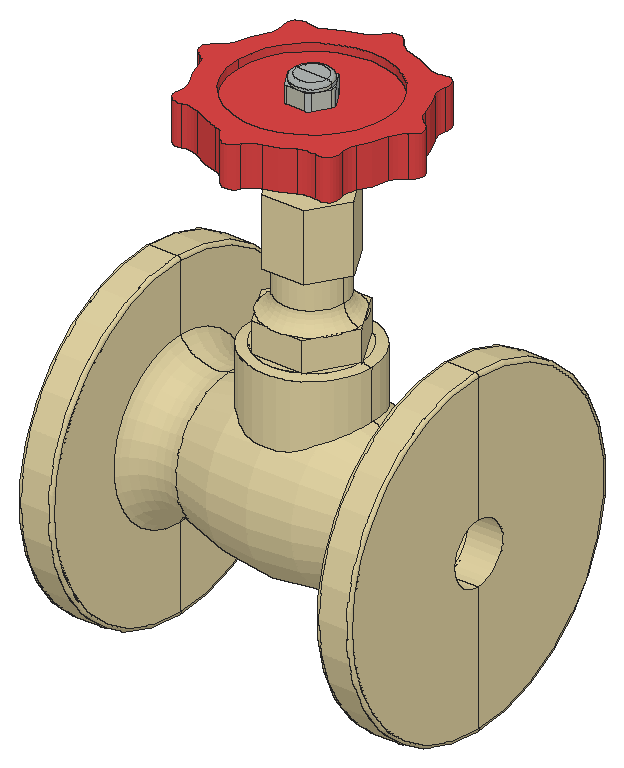
Revit family "DA04130000", category Apparecchi idraulici, Revit 2020
Family settings
  Quota connettore circolare = Usa diametro
  Tipo di parte = Normale
  Numero OmniClass = 23.45.00.00
  Titolo OmniClass = Sanitary, Laundry, and Cleaning Equipment
  Basato su piano di lavoro = No
  Sempre verticale = Sì
  Taglio con vuoti quando caricato = No
  Condiviso = No
  Punto di calcolo locali = No
Parameters
  URL = "https://web.cimberio.com/index.php/figura/677?subcategoria_id="
  Temperatura di esercizio = "-10 ÷ 170°C"
  Prospetto di default = 0 mm
  Produttore = "CIMBERIO SPA"
  Pressione nominale = "PN 16"
  Modello = "Cim 28G"
  Materiale = "Prodotto in lega di ottone conforme alla norma EN 12165-CW617N-DW"
  Descrizione = "Utilizzato nei più svariati settori dell’impiantistica ed in ogni applicazione industriale ed agricola dove è richiesta una regolazione: impianti di riscaldamento, idrici, igienico sanitari, aria compressa, reti di distribuzione vapore saturo, olii, benzine, petrolio ed altri idrocarburi e in generale con ogni fluido non corrosivo"
  DN Model [instance] = DA04133110 : DA04133110
  DN [instance] = 16 mm
  Commenti sul tipo = "Realizzato in ottemperanza ai requisiti gestionali della norma EN ISO 9001.\r\nCollaudato al 100% secondo la normativa EN 12266-1"
Reference planes
  plane 1 "Centro (Fronte/Retro)": y = 0
  plane 2: z = 0
  plane 3 "Centro (Sinistra/Destra)": x = 0
Dimensions and locks
  aligned and locked: level to plane 2
Nested families
  nested 1: "DA04133110" at (0, 0, 0), type <- "DN Model", type "DA04133110"
  nested 2: "DA04133110" at (0, 0, 0), type <- "DN Model", type "DA04133110"
  nested 3: "DA04133110" at (0, 0, 0), type <- "DN Model", type "DA04133110"
  nested 4: "DA04133110" at (0, 0, 0), type <- "DN Model", type "DA04133110"
  nested 5: "DA04133110" at (0, 0, 0), type <- "DN Model", type "DA04133110"
  nested 6: "DA04133110" at (0, 0, 0), type <- "DN Model", type "DA04133110"
  nested 7: "DA04133110" at (0, 0, 0), type <- "DN Model", type "DA04133110"
  nested 8: "DA04133110" at (0, 0, 0), type <- "DN Model", type "DA04133110"
  nested 9: "DA04133110" at (0, 0, 0), type <- "DN Model", type "DA04133110"
Connectors
  piping at (41.407, 0, 0), diameter 16, driven by "DN"
    settings: on nested 1, index 1, connector inside diameter 609.6 mm, connector length 0 mm, flow factor 0, pipe flow 0.0 L/s, pressure drop 0.0 Pa, fitting loss kfactor 0, connector angle 0.00°, fixture units 0, engagement length 0 mm, angle of deflection 0.00°, flow configuration 0, flow direction 0, fitting loss method 0, system type 7, joint type 0, gender type 0, connector reference index -1, connector utility 0, adjustable connector no, is connector primary yes, connector description ""
  piping at (-41.232, 0, 0), diameter 16, driven by "DN"
    settings: on nested 1, index 2, connector inside diameter 609.6 mm, connector length 0 mm, flow factor 0, pipe flow 0.0 L/s, pressure drop 0.0 Pa, fitting loss kfactor 0, connector angle 0.00°, fixture units 0, engagement length 0 mm, angle of deflection 0.00°, flow configuration 0, flow direction 0, fitting loss method 0, system type 7, joint type 0, gender type 0, connector reference index -1, connector utility 0, adjustable connector no, is connector primary no, connector description ""
Definition of nested family "DA04133110"
  Parameters (values of type "DA04133110")
    Default Elevation = 0 mm
  Reference planes
    plane 1 "Centro (Fronte/Retro)": y = 0
    plane 2: z = 0
    plane 3 "Centro (Sinistra/Destra)": x = 0
  Forms (mm)
    Revolve 1, solid
      sketch origin (0, 0, 0) x (1, 0, 0) y (0, 0, 1)
        loop
          line (33.343, -7.5) -> (-32.983, -7.5) -> (-32.983, -19.288)
          arc (-32.983, -19.288) -> (-27.734, -14.585) -> (-20.687, -14.614) r 9.811
          arc (-20.687, -14.614) -> (0, -18.5) -> (20.687, -14.614) r 57
          arc (20.687, -14.614) -> (28.136, -14.748) -> (33.343, -20.077) r 9.811
          line (33.343, -20.077) -> (33.343, -7.5)
        axis (-32.983, 2) -> (33.343, 2)
      angle from 0 to 360
    Revolve 2, solid
      sketch origin (0, 0, 0) x (1, 0, 0) y (0, 0, 1)
        loop
          line (-15, 4.172) -> (0, 4.172) -> (0, 32.573) -> (-12.5, 32.573) -> (-15, 32.132) -> (-15, 4.172)
        axis (0, 32.573) -> (0, 4.172)
      angle from 0 to 360
    Extrusion 3, solid
      sketch origin (0, 0, 0) x (0, -1, 0) y (1, 0, 0)
        loop
          line (0, 12.5) -> (-10.825, 6.25) -> (-10.825, -6.25) -> (0, -12.5) -> (10.825, -6.25) -> (10.825, 6.25) -> (0, 12.5)
      from 32.132 to 39.804
    Revolve 4, solid
      sketch origin (0, 0, 3.5) x (1, 0, 0) y (0, 0, 1)
        loop
          line (0, 47.5) -> (-7.95, 47.5) -> (-8.019, 40.572)
          arc (-8.019, 40.572) -> (-9.032, 37.961) -> (-11.29, 36.304) r 5
          line (-11.29, 36.304) -> (0, 36.304) -> (0, 47.5)
        axis (0, 47.5) -> (0, 36.304)
      angle from 0 to 360
    Extrusion 5, solid
      sketch origin (0, 0, 0) x (0, -1, 0) y (1, 0, 0)
        loop
          line (0, -10.4) -> (9.007, -5.2) -> (9.007, 5.2) -> (0, 10.4) -> (-9.007, 5.2) -> (-9.007, -5.2) -> (0, -10.4)
      from 51 to 67.5
    Revolve 6, solid
      sketch origin (0, 0, 12.019) x (1, 0, 0) y (0, 0, 1)
        loop
          line (-8.5, 67) -> (-8.5, 65.001)
          arc (-8.5, 65.001) -> (-8.353, 64.647) -> (-7.999, 64.5) r 0.501
          line (-7.999, 64.5) -> (-4, 64.5) -> (-4, 52.626) -> (0, 52.626) -> (0, 67) -> (-8.5, 67)
        axis (0, 67) -> (0, 52.626)
      angle from 0 to 360
    Extrusion 7, solid
      sketch origin (0, 0, 9.019) x (0.98263, 0.185575, 0) y (-0.185575, 0.98263, 0)
        loop
          spline (-12.624, 22.54) -> (-13.213, 22.77) -> (-13.791, 22.909) -> (-14.346, 22.954) -> (-14.868, 22.904) -> (-15.347, 22.761) -> (-15.773, 22.527) -> (-16.139, 22.206) -> (-16.438, 21.805) -> (-16.663, 21.332) -> (-16.81, 20.794) -> (-16.877, 20.204) -> (-16.863, 19.572)
          arc (-16.863, 19.572) -> (-17.081, 17.552) -> (-18.08, 15.783) r 5.029
          arc (-18.08, 15.783) -> (-20.241, 12.895) -> (-21.945, 9.716) r 24
          arc (-21.945, 9.716) -> (-23.126, 8.063) -> (-24.865, 7.011) r 5.029
          spline (-24.865, 7.011) -> (-25.444, 6.757) -> (-25.951, 6.447) -> (-26.375, 6.086) -> (-26.709, 5.682) -> (-26.946, 5.242) -> (-27.082, 4.775) -> (-27.114, 4.29) -> (-27.042, 3.795) -> (-26.866, 3.301) -> (-26.591, 2.817) -> (-26.221, 2.352) -> (-25.763, 1.916)
          arc (-25.763, 1.916) -> (-24.489, 0.333) -> (-23.945, -1.624) r 5.029
          arc (-23.945, -1.624) -> (-23.431, -5.195) -> (-22.388, -8.648) r 24
          arc (-22.388, -8.648) -> (-22.054, -10.652) -> (-22.54, -12.624) r 5.029
          spline (-22.54, -12.624) -> (-22.77, -13.213) -> (-22.909, -13.791) -> (-22.954, -14.346) -> (-22.904, -14.868) -> (-22.761, -15.347) -> (-22.527, -15.773) -> (-22.206, -16.139) -> (-21.805, -16.438) -> (-21.332, -16.663) -> (-20.794, -16.81) -> (-20.204, -16.877) -> (-19.572, -16.863)
          arc (-19.572, -16.863) -> (-17.552, -17.081) -> (-15.783, -18.08) r 5.029
          arc (-15.783, -18.08) -> (-12.895, -20.241) -> (-9.716, -21.945) r 24
          arc (-9.716, -21.945) -> (-8.081, -23.106) -> (-7.03, -24.813) r 5.029
          spline (-7.03, -24.813) -> (-6.779, -25.402) -> (-6.471, -25.918) -> (-6.111, -26.351) -> (-5.706, -26.693) -> (-5.265, -26.937) -> (-4.795, -27.079) -> (-4.307, -27.115) -> (-3.809, -27.045) -> (-3.312, -26.871) -> (-2.824, -26.595) -> (-2.356, -26.223) -> (-1.916, -25.763)
          arc (-1.916, -25.763) -> (-0.333, -24.489) -> (1.624, -23.945) r 5.029
          arc (1.624, -23.945) -> (5.195, -23.431) -> (8.648, -22.388) r 24
          arc (8.648, -22.388) -> (10.624, -22.053) -> (12.575, -22.516) r 5.029
          spline (12.575, -22.516) -> (13.172, -22.757) -> (13.759, -22.903) -> (14.323, -22.954) -> (14.854, -22.907) -> (15.341, -22.764) -> (15.773, -22.527) -> (16.144, -22.201) -> (16.445, -21.793) -> (16.671, -21.31) -> (16.816, -20.763) -> (16.879, -20.161) -> (16.858, -19.518)
          arc (16.858, -19.518) -> (17.089, -17.526) -> (18.08, -15.783) r 5.029
          arc (18.08, -15.783) -> (20.241, -12.895) -> (21.945, -9.716) r 24
          arc (21.945, -9.716) -> (23.106, -8.081) -> (24.813, -7.03) r 5.029
          spline (24.813, -7.03) -> (25.406, -6.777) -> (25.924, -6.466) -> (26.359, -6.103) -> (26.701, -5.694) -> (26.944, -5.249) -> (27.082, -4.775) -> (27.114, -4.283) -> (27.038, -3.781) -> (26.856, -3.281) -> (26.572, -2.791) -> (26.191, -2.321) -> (25.721, -1.881)
          arc (25.721, -1.881) -> (24.477, -0.309) -> (23.945, 1.624) r 5.029
          arc (23.945, 1.624) -> (23.431, 5.195) -> (22.388, 8.648) r 24
          arc (22.388, 8.648) -> (22.053, 10.624) -> (22.516, 12.575) r 5.029
          spline (22.516, 12.575) -> (22.757, 13.172) -> (22.903, 13.759) -> (22.954, 14.323) -> (22.907, 14.854) -> (22.764, 15.341) -> (22.527, 15.773) -> (22.201, 16.144) -> (21.793, 16.445) -> (21.31, 16.671) -> (20.763, 16.816) -> (20.161, 16.879) -> (19.518, 16.858)
          arc (19.518, 16.858) -> (17.526, 17.089) -> (15.783, 18.08) r 5.029
          arc (15.783, 18.08) -> (12.895, 20.241) -> (9.716, 21.945) r 24
          arc (9.716, 21.945) -> (8.063, 23.126) -> (7.011, 24.865) r 5.029
          spline (7.011, 24.865) -> (6.755, 25.448) -> (6.442, 25.957) -> (6.078, 26.383) -> (5.67, 26.717) -> (5.227, 26.953) -> (4.755, 27.086) -> (4.266, 27.113) -> (3.768, 27.035) -> (3.271, 26.852) -> (2.784, 26.568) -> (2.318, 26.188) -> (1.881, 25.721)
          arc (1.881, 25.721) -> (0.309, 24.477) -> (-1.624, 23.945) r 5.029
          arc (-1.624, 23.945) -> (-5.195, 23.431) -> (-8.648, 22.388) r 24
          arc (-8.648, 22.388) -> (-10.652, 22.054) -> (-12.624, 22.54) r 5.029
      from 70 to 79.915
    Extrusion 8, void
      sketch origin (0, 0, 9.019) x (1, 0, 0) y (0, 1, 0)
        loop
          circle (0, 0) r 18.5
      from 78 to 80.921
    Extrusion 9, solid
      sketch origin (0.001, 0, 9.019) x (0.934965, 0.354741, 0) y (-0.354741, 0.934965, 0)
        loop
          line (-1.377, 5.329) -> (-4.94, 2.419)
          arc (-4.94, 2.419) -> (-5.249, 1.991) -> (-5.302, 1.465) r 1.021
          line (-5.302, 1.465) -> (-4.565, -3.074)
          arc (-4.565, -3.074) -> (-4.349, -3.551) -> (-3.924, -3.858) r 1.012
          line (-3.924, -3.858) -> (0.37, -5.486)
          arc (0.37, -5.486) -> (0.9, -5.54) -> (1.387, -5.321) r 1.03
          line (1.387, -5.321) -> (4.931, -2.427)
          arc (4.931, -2.427) -> (5.246, -1.989) -> (5.3, -1.452) r 1.042
          line (5.3, -1.452) -> (4.567, 3.058)
          arc (4.567, 3.058) -> (4.346, 3.549) -> (3.909, 3.863) r 1.04
          line (3.909, 3.863) -> (-0.382, 5.491)
          arc (-0.382, 5.491) -> (-0.901, 5.543) -> (-1.377, 5.329) r 1.007
      from 78 to 82
    Revolve 10, solid
      sketch origin (0, 0, 8.525) x (1, 0, 0) y (0, 0, 1)
        loop
          line (0, 83.994) -> (0, 81.954) -> (4.75, 81.954) -> (4.75, 82.994)
          arc (4.75, 82.994) -> (4.457, 83.701) -> (3.75, 83.994) r 1
          line (3.75, 83.994) -> (0, 83.994)
        axis (0, 83.994) -> (0, 81.954)
      angle from 0 to 360
    Revolve 11, solid
      sketch origin (-6.732, 0, 0) x (1, 0, 0) y (0, 0, 1)
        loop
          line (-34.5, 39.192) -> (-34.5, 7.5) -> (-26, 7.5) -> (-26, 39.165)
          arc (-26, 39.165) -> (-26.244, 39.756) -> (-26.835, 40) r 0.835
          line (-26.835, 40) -> (-33.692, 40)
          arc (-33.692, 40) -> (-34.263, 39.763) -> (-34.5, 39.192) r 0.808
        axis (-34.5, 0) -> (-26, 0)
      angle from 0 to 360
    Revolve 12, solid
      sketch origin (6.907, 0, 0) x (-1, 0, 0) y (0, 0, 1)
        loop
          line (-34.5, 39.192) -> (-34.5, 7.5) -> (-26, 7.5) -> (-26, 39.165)
          arc (-26, 39.165) -> (-26.244, 39.756) -> (-26.835, 40) r 0.835
          line (-26.835, 40) -> (-33.692, 40)
          arc (-33.692, 40) -> (-34.263, 39.763) -> (-34.5, 39.192) r 0.808
        axis (-34.5, 0) -> (-26, 0)
      angle from 0 to 360
  Cuts and joins
    Extrusion 8 cuts Extrusion 7
  Dimensions and locks
    aligned and locked: level to plane 2
